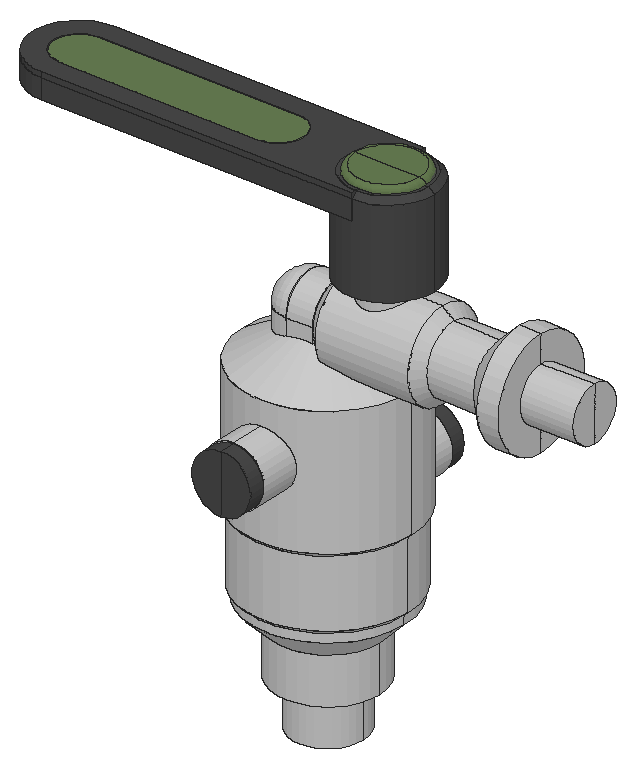
Revit family "Водоразборная арматура в комплекте с клапаном предотвращения обратного потока 0300", category Rohrzubehör, Revit 2021
Family settings
  Bemaßung runder Anschluss = Durchmesser verwenden
  Teiletyp = Unterbricht
  OmniClass-Nummer = 23.65.55.14
  OmniClass-Titel = Valves for Liquid Services
  Arbeitsebenenbasiert = Nein
  Immer vertikal = Ja
  Beim Laden mit Abzugskörper schneiden = Nein
  Gemeinsam genutzt = Nein
Parameters (values of type "DN15 - DN20")
  Уплотнение = "EPDM"  # constant formula
  Примечание = "В соответствии со статьей 33 Регламента REACH (Registration; Evaluation; Authorisation; Restriction of Chemicals) (EC № 1907/2006) мы обязаны указать, что свинец внесен в список SVHC (Substances of Very High Concern - вещества очень высокой важности) и весовой процент свинца во всех латунных компонентах заводского изготовления в наших изделиях, превышает 0,1 % (w/w) (CAS: 7439-92-1 / EINECS: 231-100-4).\r\nПоскольку свинец является легирующим компонентом сплава, прямое негативное влияние исключается, и поэтому дополнительной информации о безопасном использовании не требуется."
  Область применения = "Водоразборная арматура со встроенным клапаном предотвращения обратного потока (ВА) предназначена для установки над раковинами, ваннами или для установки вне помещения (например, клапан в саду).\r\nАрматура состоит из шарового крана на стороне входа и клапана предотвращения обратного потока ниже по направлению потока, тип ВА согласно DIN EN 1717."
  Макс. рабочее давление = 1000000.0 Pa  # constant formula
  Макс. рабочая температура = 65 °C  # constant formula
  Корпус = "штампованная латунь (CW617N), хромированная"  # constant formula
  Макс. допустимая рабочая температура (кратковременно) = 80 °C  # constant formula
  Исполнение = "Клапан предотвращения обратного потока ВА, встроенный в водоразборную арматуру, разработан согласно требованиям нормы DIN EN 1717.\r\nСогласно этой нормы качество воды, в зависимости от степени загрязнения, разделяется на 5 классов.\r\nКлапан предотвращения обратного потока типа ВА защищает от попадания непитьевой воды (4-й класс защиты - самый высокий класс защиты, который может обеспечить арматура).\r\nУстановка фильтра-грязевика перед клапаном предотвращения обратного потока помогает обеспечить его долгий срок службы.\r\nЭта арматура может быть установлена только в вертикальном положении."
  W02 = 60.00°  # constant formula
  W01 = 45.00°  # constant formula
  Vorgabe-Ansicht = 0.000 mm
  URL = "www.herz-armaturen.ru"
  Картридж клапана предотвращения обратного потока = "высококачественный устойчивый к известковому налету пластик"  # constant formula
  STL02 = 37.500 mm  # constant formula
  STL01 = 33.000 mm  # constant formula
  STD02 = 8.200 mm  # constant formula
  STD01 = 8.500 mm  # constant formula
  SCTWSEQ = "AW;SBT_TYP_AW=\"104\";2"
  SCTWCODE = "04;12;02"  # constant formula
  S05 = R03 - 2.000 mm  # 10.400 mm
  S04 = 33.000 mm  # constant formula
  S03 = 25.000 mm  # constant formula
  S02 = 45.000 mm  # constant formula
  S01 = 13.000 mm  # constant formula
  R09 = 13.000 mm  # constant formula
  R05 = 8.000 mm  # constant formula
  R04 = 8.500 mm  # constant formula
  R03 = 12.400 mm  # constant formula
  R02 = 9.500 mm  # constant formula
  R01 = 15.000 mm  # constant formula
  NennweiteEin [instance] = if([15_20], 15.000 mm, if([20_20], 20.000 mm, if([20_25], 20.000 mm, 0.000 mm)))  # 15.000 mm
  NennweiteAus [instance] = if([15_20], 20.000 mm, if([20_20], 20.000 mm, if([20_25], 25.000 mm, 0.000 mm)))  # 20.000 mm
  Среда = "вода (не пар)"  # constant formula
  LO01 = 34.500 mm  # constant formula
  L11 = 77.500 mm  # constant formula
  L10 = 57.500 mm  # constant formula
  L09 = 58.000 mm  # constant formula
  L08 = 2.500 mm  # constant formula
  L07 = 26.000 mm  # constant formula
  L06 = 6.000 mm  # constant formula
  L05 = 15.000 mm  # constant formula
  L04 = 5.000 mm  # constant formula
  L03 = 100.000 mm  # constant formula
  L02 = 58.000 mm  # constant formula
  L01 = 75.000 mm  # constant formula
  Hersteller = "HERZ Armaturen Ges.m.b.H."  # constant formula
  H08 = 15.000 mm  # constant formula
  H07 = 36.000 mm  # constant formula
  H06 = 19.000 mm  # constant formula
  H05 = 2.500 mm  # constant formula
  H04 = 13.000 mm  # constant formula
  H03 = 13.000 mm  # constant formula
  H02 = 105.000 mm  # constant formula
  H01 = 146.000 mm - H02  # 41.000 mm
  Положение при монтаже = "вертикальное"  # constant formula
  Номер заказа = if([15_20], "I030001", if([20_20], "I030002", if([20_25], "I030012", "0")))  # "I030001"
  20_25 = no
  20_20 = no
  15_20 = yes
  D05 = 14.500 mm  # constant formula
  D04 = 21.500 mm  # constant formula
  D03 = 22.500 mm  # constant formula
  D02 = 7.000 mm  # constant formula
  D01 = 23.500 mm  # constant formula
  AGein [instance] = NennweiteEin / 2  # 7.500 mm
  AGaus [instance] = NennweiteAus / 2  # 10.000 mm
Types (4, lengths in mm): name | NennweiteEin | NennweiteAus | Номер заказа | 20_25 | 20_20 | 15_20 | AGein | AGaus
  (no name) | 15.000 | 20.000 | "I030001" | no | no | yes | 7.500 | 10.000
  DN15 - DN20 | 15.000 | 20.000 | "I030001" | no | no | yes | 7.500 | 10.000
  DN20 - DN20 | 20.000 | 20.000 | "I030002" | no | yes | no | 10.000 | 10.000
  DN20 - DN25 | 20.000 | 25.000 | "I030012" | yes | no | no | 10.000 | 12.500
Reference planes
  plane 1 "Mitte (Vorne/hinten)": y = 0
  plane 2: z = 0
  plane 3 "Mitte (Links/rechts)": x = 0
Forms (mm)
  Revolve 1, solid, material "Messing, vernickelt", detail levels fine
    sketch origin (0, 0, -213.5) x (1, 0, 0) y (0, 0, 1)
      loop
        line (0, 108.5) -> (0, 213.5) -> (-7, 213.5) -> (-7, 210.526) -> (-23.5, 201) -> (-23.5, 165) -> (-22.5, 164) -> (-22.5, 145) -> (-21.5, 144) -> (-21.5, 141.5) -> (-14.5, 134.5) -> (-14.5, 121.5) -> (-10, 121.5) -> (-10, 108.5) -> (0, 108.5)
      axis (0, 213.5) -> (0, 108.5)
    angle from 0 to 360
  Revolve 2, solid, material "Messing, vernickelt", detail levels fine
    sketch origin (0, 0, 0) x (1, 0, 0) y (0, 0, 1)
      loop
        line (2.5, 0) -> (75, 0) -> (75, 7.5) -> (60, 7.5) -> (60, 15) -> (54, 15) -> (48.5, 9.5) -> (35.3, 9.5) -> (32.4, 12.4) -> (6.4, 12.4) -> (2.5, 8.5) -> (2.5, 0)
      axis (2.5, 0) -> (75, 0)
    angle from 0 to 360
  Extrusion 3, solid, material "Messing, vernickelt", detail levels fine
    sketch origin (0, 0, 0) x (0, 1, 0) y (0, 0, 1)
      loop
        arc (8.5, 0) -> (0, 8.5) -> (-8.5, 0) r 8.5
        line (-8.5, 0) -> (-8.5, -12.5) -> (8.5, -12.5) -> (8.5, 0)
    from 2.5 to -5
  Extrusion 4, solid, material "Messing, vernickelt", detail levels fine
    sketch origin (0, 0, 0) x (1, 0, 0) y (0, 1, 0)
      loop
        circle (-5, 0) r 8.5
    from -20 to 0
  Revolve 5, solid, material "Messing, vernickelt", detail levels fine
    sketch origin (0, 0, 0) x (1, 0, 0) y (0, 1, 0)
      loop
        arc (-5, 8.5) -> (-11.01, 6.01) -> (-13.5, 0) r 8.5
        line (-13.5, 0) -> (-5, 0) -> (-5, 8.5)
      axis (-5, 0) -> (-13.5, 0)
    angle from 0 to 360
  Revolve 6, solid, material "Messing, vernickelt", detail levels fine
    sketch origin (0, 0, 0) x (1, 0, 0) y (0, 0, 1)
      loop
        line (17, 0) -> (25, 0) -> (25, 15) -> (17, 15) -> (17, 0)
      axis (17, 15) -> (17, 0)
    angle from 0 to 360
  Revolve 7, solid, material "Kunststoff SCHWARZ", detail levels fine
    sketch origin (0, 0, 0) x (1, 0, 0) y (0, 0, 1)
      loop
        line (17, 15) -> (30, 15) -> (30, 39.5) -> (28.5, 41) -> (17, 41) -> (17, 15)
      axis (17, 15) -> (17, 41)
    angle from 0 to 360
  Revolve 8, solid, material "Kunststoff GRÜN", detail levels fine
    sketch origin (0, 0, 0) x (1, 0, 0) y (0, 0, 1)
      loop
        line (17, 42.5) -> (17, 41) -> (27.5, 41)
        arc (27.5, 41) -> (27.061, 42.061) -> (26, 42.5) r 1.5
        line (26, 42.5) -> (17, 42.5)
      axis (17, 42.5) -> (17, 41)
    angle from 0 to 360
  Extrusion 9, solid, material "Kunststoff SCHWARZ", detail levels fine
    sketch origin (0, 0, 0) x (1, 0, 0) y (0, 1, 0)
      loop
        line (17, 13) -> (-70, 13)
        arc (-70, 13) -> (-83, 0) -> (-70, -13) r 13
        line (-70, -13) -> (17, -13) -> (17, 13)
    from 34 to 39.5
  Extrusion 10, solid, material "Kunststoff SCHWARZ", detail levels fine
    sketch origin (0, 0, 0) x (1, 0, 0) y (0, 1, 0)
      loop
        line (17, 13) -> (-70, 13)
        arc (-70, 13) -> (-83, 0) -> (-70, -13) r 13
        line (-70, -13) -> (17, -13) -> (17, 13)
      loop
        arc (-70, 7) -> (-77, 0) -> (-70, -7) r 7
        line (-70, -7) -> (-14, -7)
        arc (-14, -7) -> (-7, 0) -> (-14, 7) r 7
        line (-14, 7) -> (-70, 7)
    from 39.5 to 41
  Extrusion 11, solid, material "Kunststoff GRÜN", detail levels fine
    sketch origin (0, 0, 0) x (1, 0, 0) y (0, 1, 0)
      loop
        arc (-70, 7) -> (-77, 0) -> (-70, -7) r 7
        line (-70, -7) -> (-14, -7)
        arc (-14, -7) -> (-7, 0) -> (-14, 7) r 7
        line (-14, 7) -> (-70, 7)
    from 39.5 to 41
  Revolve 12, solid, material "Messing, vernickelt", detail levels fine
    sketch origin (0, 0, 0) x (0, 1, 0) y (0, 0, 1)
      loop
        line (0, -39) -> (0, -47.5) -> (33, -47.5) -> (33, -39) -> (0, -39)
      axis (33, -47.5) -> (0, -47.5)
    angle from 0 to 360
  Revolve 13, solid, material "Messing, vernickelt", detail levels fine
    sketch origin (0, 0, 0) x (0, -1, 0) y (0, 0, 1)
      loop
        line (0, -19) -> (0, -27.5) -> (33, -27.5) -> (33, -19) -> (0, -19)
      axis (33, -27.5) -> (0, -27.5)
    angle from 0 to 360
  Revolve 14, solid, material "Kunststoff SCHWARZ", detail levels fine
    sketch origin (0, 0, 0) x (0, 1, 0) y (0, 0, 1)
      loop
        line (-33, -27.5) -> (-33, -19.3) -> (-37.5, -19.3) -> (-37.5, -27.5) -> (-33, -27.5)
      axis (-33, -27.5) -> (-37.5, -27.5)
    angle from 0 to 360
  Revolve 15, solid, material "Kunststoff SCHWARZ", detail levels fine
    sketch origin (0, 0, 0) x (0, -1, 0) y (0, 0, 1)
      loop
        line (-33, -47.5) -> (-33, -39.3) -> (-37.5, -39.3) -> (-37.5, -47.5) -> (-33, -47.5)
      axis (-33, -47.5) -> (-37.5, -47.5)
    angle from 0 to 360
Lines and regions (mm)
  model lines, detail levels coarse+medium
    curve 1: line (35.5, 0, 12.4) -> (35.5, 0, -12.4)
    curve 2: line (35.5, 0, -12.4) -> (2.5, 0, 12.4)
    curve 3: line (2.5, 0, 12.4) -> (2.5, 0, -12.4)
    curve 4: line (2.5, 0, -12.4) -> (35.5, 0, 12.4)
    curve 5: circle (10.02, 0, 0) r 10.4 normal (0, -1, 0)
    curve 6: line (35.5, 0, 0) -> (75, 0, 0)
    curve 7: line (60, 0, 15) -> (60, 0, -15)
    curve 8: line (-23.5, 0, -12.4) -> (23.5, 0, -12.4)
    curve 9: line (-23.5, 0, -105) -> (-23.5, 0, -12.4)
    curve 10: line (23.5, 0, -105) -> (-23.5, 0, -105)
    curve 11: line (23.5, 0, -12.4) -> (23.5, 0, -105)
    curve 12: line (2.5, 0, 0) -> (0, 0, 0)
    curve 13: line (0, 0, 0) -> (0, 0, -12.4)
    curve 14: line (-10.5, 0, -105) -> (-10.5, 0, -80)
    curve 15: line (-10.5, 0, -57.4) -> (-10.5, 0, -12.4)
    curve 16: line (10.5, 0, -105) -> (10.5, 0, -80)
    curve 17: line (10.5, 0, -57.4) -> (10.5, 0, -12.4)
    curve 18: line (0, -23.5, -105) -> (0, 23.5, -105)
    curve 19: line (0, -23.5, -12.4) -> (0, -23.5, -105)
    curve 20: line (0, 23.5, -12.4) -> (0, -23.5, -12.4)
    curve 21: line (0, 23.5, -105) -> (0, 23.5, -12.4)
    curve 26: arc (0, -12.4, 0) -> (0, 0, 12.4) -> (0, 12.4, 0) r 12.4
  model lines
    curve 22: line (0, -10.5, -105) -> (0, -10.5, -80)
    curve 23: line (0, -10.5, -57.4) -> (0, -10.5, -12.4)
    curve 24: line (0, 10.5, -105) -> (0, 10.5, -80)
    curve 25: line (0, 10.5, -57.4) -> (0, 10.5, -12.4)
Dimensions and locks
  "H03": Revolve 1 sketch curve to Revolve 1 sketch curve
  "H04": Revolve 1 sketch curve to Revolve 1 sketch curve
  "H05": Revolve 1 sketch curve to Revolve 1 sketch curve
  "H06": Revolve 1 sketch curve to Revolve 1 sketch curve
  "H07": Revolve 1 sketch curve to Revolve 1 sketch curve
  "AGaus": Revolve 1 sketch curve to plane 3 "Mitte (Links/rechts)"
  "D01": Revolve 1 sketch curve to Revolve 1 sketch curve
  "D02": Revolve 1 sketch curve to Revolve 1 sketch curve
  "D05": Revolve 1 sketch curve to Revolve 1 sketch curve
  "D04": Revolve 1 sketch curve to Revolve 1 sketch curve
  "D03": Revolve 1 sketch curve to Revolve 1 sketch curve
  "H02": Revolve 1 sketch curve to Revolve 1 sketch curve
  "L01": Revolve 2 sketch curve to plane 3 "Mitte (Links/rechts)"
  "L05": Revolve 2 sketch curve to Revolve 2 sketch curve
  "L06": Revolve 2 sketch curve to Revolve 2 sketch curve
  "L07": Revolve 2 sketch curve to Revolve 2 sketch curve
  "AGein": Revolve 2 sketch curve to Revolve 2 sketch curve
  "R01": Revolve 2 sketch curve to Revolve 2 sketch curve
  "R02": Revolve 2 sketch curve to Revolve 2 sketch curve
  "R03": Revolve 2 sketch curve to Revolve 2 sketch curve
  "L08": Revolve 2 sketch curve to plane 3 "Mitte (Links/rechts)"
  "R04": Revolve 2 sketch curve to Revolve 2 sketch curve
  "H08": Revolve 6 sketch curve to plane 2
  "R05": Revolve 6 sketch curve to Revolve 6 sketch curve
  "L09": Revolve 6 sketch curve to Revolve 2
  "H08": Revolve 7 sketch curve to plane 2
  "R09": Revolve 7 sketch curve to Revolve 7 sketch curve
  "L02": Revolve 2 to Revolve 7 sketch curve
  "H01": Revolve 7 sketch curve to plane 2
  Revolve 7 sketch curve to Revolve 7 sketch curve = 11.500 mm
  "L02": Revolve 2 to Revolve 8 sketch curve
  Revolve 8 sketch curve to Revolve 7 = 1.500 mm
  "H01": Revolve 8 sketch curve to plane 2
  "L02": Extrusion 9 sketch curve to Revolve 2
  "R09": Extrusion 9 sketch curve to plane 1 "Mitte (Vorne/hinten)" to Extrusion 9 sketch curve
  "L03": Extrusion 9 sketch curve to Extrusion 9 sketch curve
  "L03": Extrusion 10 sketch curve to Extrusion 9
  "L02": Extrusion 10 sketch curve to Revolve 2
  "STL01": Revolve 12 sketch curve to plane 1 "Mitte (Vorne/hinten)"
  "STD01": Revolve 12 sketch curve to Revolve 12 sketch curve
  "L10": Revolve 1 to Revolve 12 sketch curve
  "STD01": Revolve 13 sketch curve to Revolve 13 sketch curve
  "STL01": plane 1 "Mitte (Vorne/hinten)" to Revolve 13 sketch curve
  "L11": Revolve 13 sketch curve to Revolve 1
  "STL01": plane 1 "Mitte (Vorne/hinten)" to Revolve 14 sketch curve
  "STL02": Revolve 13 to Revolve 14 sketch curve
  "STD02": Revolve 14 sketch curve to Revolve 14 sketch curve
  "L11": Revolve 1 to Revolve 14 sketch curve
  "D01": nested 1 to plane 3 "Mitte (Links/rechts)"
  "LO01": level to nested 1
  "STD02": Revolve 15 sketch curve to Revolve 15 sketch curve
  "L10": Revolve 15 sketch curve to Revolve 1
  "STL01": Revolve 15 sketch curve to plane 1 "Mitte (Vorne/hinten)"
  "STL02": Revolve 15 sketch curve to plane 1 "Mitte (Vorne/hinten)"
  "R03": curve 4 to plane 2 to curve 2
  "R03": curve 3 to plane 2 to curve 4
  "L08": plane 3 "Mitte (Links/rechts)" to curve 3
  "S04": curve 3 to curve 1
  "L01": curve 6 to plane 3 "Mitte (Links/rechts)"
  "R01": curve 7 to plane 2 to curve 7
  curve 7 to curve 6 = 15.000 mm
  "D01": curve 11 to plane 3 "Mitte (Links/rechts)" to curve 9
  "H02": plane 2 to curve 10
  "R03": plane 2 to curve 8
  "S01": curve 14 to curve 9
  "S01": curve 11 to curve 16
  "S01": curve 11 to curve 17
  "S01": curve 15 to curve 9
  "S02": curve 8 to curve 17
  "S02": curve 8 to curve 15
  "S03": curve 14 to curve 10
  "S03": curve 16 to curve 10
  "H02": plane 2 to curve 18
  "R03": plane 2 to curve 20
  "D01": curve 19 to plane 1 "Mitte (Vorne/hinten)" to curve 21
  "S01": curve 19 to curve 22
  "S01": curve 24 to curve 21
  "S01": curve 25 to curve 21
  "S01": curve 19 to curve 23
  "S03": curve 18 to curve 22
  "S03": curve 18 to curve 24
  "S02": curve 20 to curve 25
  "S02": curve 20 to curve 23
  "S05": radius of curve 5
  "R03": radius of curve 26
  "W01": angle Revolve 1 sketch curve to Revolve 1 sketch curve  (x3)
  "W02": angle Revolve 1 sketch curve to Revolve 1 sketch curve
  "W01": angle Revolve 2 sketch curve to Revolve 2 sketch curve  (x3)
  "W01": angle Revolve 7 sketch curve to Revolve 7 sketch curve
  aligned and locked: level to plane 2
Automatic sketch dimensions
  Extrusion 3 sketch curve to level = 0.000 mm  (x2)
  Extrusion 3 sketch curve to plane 1 "Mitte (Vorne/hinten)" = 0.000 mm
  plane 1 "Mitte (Vorne/hinten)" to Extrusion 3 sketch curve = 8.500 mm
  Extrusion 3 sketch curve to level = 12.500 mm
  plane 1 "Mitte (Vorne/hinten)" to Extrusion 4 sketch curve = 0.000 mm
  Extrusion 4 sketch curve to plane 3 "Mitte (Links/rechts)" = 5.000 mm
  Revolve 5 sketch curve to plane 1 "Mitte (Vorne/hinten)" = 0.000 mm
  plane 1 "Mitte (Vorne/hinten)" to Revolve 5 sketch curve = 0.000 mm
  Revolve 5 sketch curve to plane 3 "Mitte (Links/rechts)" = 13.500 mm
  Revolve 5 sketch curve to plane 3 "Mitte (Links/rechts)" = 5.000 mm
  Revolve 5 sketch curve to Revolve 5 sketch curve = 1986.500 mm
  plane 3 "Mitte (Links/rechts)" to Revolve 5 sketch curve = 2000.000 mm
  plane 1 "Mitte (Vorne/hinten)" to Extrusion 11 sketch curve = 0.000 mm
  Extrusion 11 sketch curve to plane 3 "Mitte (Links/rechts)" = 70.000 mm
  Extrusion 11 sketch curve to plane 1 "Mitte (Vorne/hinten)" = 7.000 mm
  Extrusion 11 sketch curve to plane 3 "Mitte (Links/rechts)" = 14.000 mm
  curve 26 to level = 0.000 mm
  curve 26 to plane 1 "Mitte (Vorne/hinten)" = 0.000 mm
  curve 12 to level = 0.000 mm
  curve 12 to plane 3 "Mitte (Links/rechts)" = 0.000 mm
  curve 5 to level = 0.000 mm
  curve 6 to level = 0.000 mm
  plane 3 "Mitte (Links/rechts)" to curve 3 = 2.500 mm
  curve 12 to curve 5 = 7.520 mm
  Revolve 1 sketch curve to level = 0.000 mm
  Revolve 1 sketch curve to plane 3 "Mitte (Links/rechts)" = 0.000 mm  (x2)
  Revolve 1 sketch curve to Revolve 1 sketch curve = 261.045 mm
  level to Revolve 1 sketch curve = 2214.315 mm
  Revolve 2 sketch curve to level = 0.000 mm  (x2)
  Revolve 2 sketch curve to plane 3 "Mitte (Links/rechts)" = 1506.530 mm
  Revolve 2 sketch curve to Revolve 2 sketch curve = 1764.148 mm
  Revolve 6 sketch curve to level = 0.000 mm  (x2)
  Revolve 6 sketch curve to Revolve 6 sketch curve = 0.000 mm  (x2)
  Revolve 7 sketch curve to Revolve 7 sketch curve = 0.000 mm  (x3)
  Revolve 8 sketch curve to Revolve 8 sketch curve = 9.000 mm
  Revolve 8 sketch curve to Revolve 8 sketch curve = 0.000 mm  (x3)
  Extrusion 9 sketch curve to Extrusion 9 sketch curve = 0.000 mm
  Extrusion 10 sketch curve to Extrusion 10 sketch curve = 0.000 mm  (x2)
  plane 1 "Mitte (Vorne/hinten)" to Extrusion 10 sketch curve = 0.000 mm
  Extrusion 10 sketch curve to plane 1 "Mitte (Vorne/hinten)" = 7.000 mm
  Extrusion 10 sketch curve to plane 3 "Mitte (Links/rechts)" = 14.000 mm
  Extrusion 10 sketch curve to Extrusion 10 sketch curve = 56.000 mm
  Revolve 12 sketch curve to plane 1 "Mitte (Vorne/hinten)" = 0.000 mm  (x2)
  Revolve 12 sketch curve to Revolve 12 sketch curve = 0.000 mm  (x2)
  Revolve 13 sketch curve to plane 1 "Mitte (Vorne/hinten)" = 0.000 mm  (x2)
  Revolve 13 sketch curve to Revolve 13 sketch curve = 0.000 mm  (x2)
  Revolve 14 sketch curve to Revolve 14 sketch curve = 0.000 mm  (x3)
  Revolve 15 sketch curve to Revolve 15 sketch curve = 0.000 mm  (x3)
  radius of Extrusion 4 sketch curve = 8.500 mm
Nested families
  nested 1: "Herz-Logo-vorne" at (-23.5, 0, -39), type "Herz-Logo-vorne", detail levels fine
Connectors
  piping at (0, 0, -105), diameter 20, driven by "NennweiteAus"
    settings: on Revolve 1, index 1, connector inside diameter 609.6 mm, connector length 0.000 mm, flow factor 0, pipe flow 0.0 L/s, pressure drop 0.0 Pa, fitting loss kfactor 0, connector angle 0.00°, fixture units 0, engagement length 0.000 mm, angle of deflection 0.00°, flow configuration 0, flow direction 2, fitting loss method 0, system type 29, joint type 0, gender type 0, connector reference index -1, connector utility 0, adjustable connector no, is connector primary yes, connector description ""
  piping at (75, 0, 0), diameter 15, driven by "NennweiteEin"
    settings: on Revolve 2, index 2, connector inside diameter 609.6 mm, connector length 0.000 mm, flow factor 0, pipe flow 0.0 L/s, pressure drop 0.0 Pa, fitting loss kfactor 0, connector angle 0.00°, fixture units 0, engagement length 0.000 mm, angle of deflection 0.00°, flow configuration 0, flow direction 1, fitting loss method 0, system type 29, joint type 0, gender type 0, connector reference index -1, connector utility 0, adjustable connector no, is connector primary no, connector description ""
Definition of nested family "Herz-Logo-vorne"
  Parameters (values of type "Herz-Logo-vorne")
    Default Elevation = 0.000 mm
  Reference planes
    plane 1 "Mitte (Vorne/hinten)": y = 0
    plane 2: z = 0
    plane 3 "Mitte (Links/rechts)": x = 0
  Forms (mm)
    Extrusion 1, solid
      sketch origin (0.732, -0.018, 0.017) x (0, -1, 0) y (0, 0, 1)
        loop
          line (-0.018, -4.517) -> (4.482, -4.517) -> (4.482, 4.483) -> (-4.518, 4.483) -> (-4.518, -4.517) -> (-0.018, -4.517)
        loop
          line (-0.05, -3.48) -> (3.482, -3.48) -> (3.482, 3.483) -> (-3.518, 3.483) -> (-3.518, -3.48) -> (-0.05, -3.48)
        loop
          arc (-0.018, 2.383) -> (-1.543, 3.287) -> (-3.067, 2.383) r 1.738
          arc (-3.067, 2.383) -> (-3.191, 1.899) -> (-3.067, 1.415) r 1.009
          line (-3.067, 1.415) -> (-0.018, -3.281) -> (3.032, 1.415)
          arc (3.032, 1.415) -> (3.156, 1.899) -> (3.032, 2.383) r 1.009
          arc (3.032, 2.383) -> (1.507, 3.287) -> (-0.018, 2.383) r 1.738
        loop
          arc (1.885, 1.272) -> (2.005, 1.675) -> (1.885, 2.079) r 0.74
          arc (1.885, 2.079) -> (1.265, 2.416) -> (0.644, 2.079) r 0.74
          line (0.644, 2.079) -> (-0.018, 0.97) -> (-0.679, 2.079)
          arc (-0.679, 2.079) -> (-1.3, 2.416) -> (-1.921, 2.079) r 0.74
          arc (-1.921, 2.079) -> (-2.04, 1.675) -> (-1.921, 1.272) r 0.74
          line (-1.921, 1.272) -> (-0.018, -1.658) -> (1.885, 1.272)
      from 0 to 1.5
  Dimensions and locks
    aligned and locked: level to plane 2
